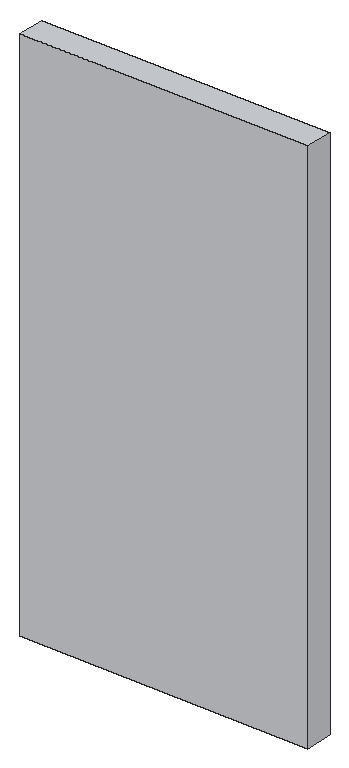
Revit family "Lighting_Fixture-Wall-Astro-Teetoo", category Lighting Fixtures, host Face, Revit 2014
Parameters (values of type "0793 Teetoo 350 (12v) (Chrome)")
  Width = 350.00 mm
  Weight = "0.9 kg"
  Wattage Comments = "2x20W"
  Wattage = 9.2903 W
  built-in parameter 1150110 = 1 (stored number, unit not read)
  Voltage = 230 V
  URL = "www.astrolighting.co.uk"
  Type Comments = "Includes integral transformer"
  built-in parameter 1114217 = 1 (stored number, unit not read)
  Tilt Angle = 90.00°
  built-in parameter 1150109 = 1 (stored number, unit not read)
  built-in parameter 1150134 = (empty or 0)
  built-in parameter 1150113 = 1 (stored number, unit not read)
  Suitable for bathroom zone = "Zone 3"
  Product Documentation = "http://www.astrolighting.co.uk/products\r\n/kw/0793/0793_Teetoo-350-(12v)"
  Photometric Web File = "0793 TEETOO 350 12V POLISHED CHROME.ies"
  Number of Poles = 1
  Mountable on normally flammable surfaces = "Yes"
  Model = "0793 Teetoo 350 (12v) Chrome"
  Manufacturer = "Astro Lighting Ltd, CM20 2DP"
  Lumens = 1380 lm
  Luminaire Lamp Efficiency Rating = "- A-C"
  built-in parameter 1150115 = 1 (stored number, unit not read)
  built-in parameter 1150105 = 109.82 (stored number, unit not read)
  Light Source From Wall = 170.00 mm
  Light Source Elevation = 1600.00 mm
  built-in parameter 1150137 = (empty or 0)
  built-in parameter 1150139 = (empty or 0)
  Length = 180.00 mm
  built-in parameter 1150112 = 1 (stored number, unit not read)
  built-in parameter 1150114 = 1 (stored number, unit not read)
  Lamp included = "Yes"
  Lamp = "G4"
  built-in parameter 1150132 = 2
  built-in parameter 1150102 = (empty or 0)
  built-in parameter 1150138 = (empty or 0)
  built-in parameter 1150107 = 3000 (stored number, unit not read)
  built-in parameter 1150106 = 1.0982 (stored number, unit not read)
  IP Rating = "IP20"
  Height = 50.00 mm
  Energy Efficiency Rating = "- C"
  built-in parameter 1150104 = 13.8 (stored number, unit not read)
  Dimming Lamp Color Temperature Shift = <None>
  Dimmable = "Yes"
  Description = "Wall Light"
  Default Elevation [instance] = 1700.00 mm
  Color Filter = 16777215
  Class = 1
  Casing Material = Astro - Steel - Chrome Finish
  built-in parameter 1114218 = 1 (stored number, unit not read)
  built-in parameter 1150133 = 10 (stored number, unit not read)
  Manufacturer Contact = "01279 427001"
  Assembly Code = "D5020200"
  Apparent Load = 43.3 VA
Types (6, lengths in mm): name | Width | Weight | Wattage Comments | Product Documentation | Photometric Web File | Model | Casing Material | Apparent Load
  0793 Teetoo 350 (12v) (Chrome) | 350.00 | "0.9 kg" | "2x20W" | "http://www.astrolighting.co.uk/products\r\n/kw/0793/0793_Teetoo-350-(12v)" | "0793 TEETOO 350 12V POLISHED CHROME.ies" | "0793 Teetoo 350 (12v) Chrome" | Astro - Steel - Chrome Finish | 43.3 VA
  0796 Teetoo 550 (12v) (Chrome) | 550.00 | "1.2 kg" | "4x10W" | "http://www.astrolighting.co.uk/products\r\n/kw/0796/0796_Teetoo-550-(12v)" | "0796 TEETOO 550 12V POLISHED CHROME.ies" | "0796 Teetoo 550 (12v) Chrome" | Astro - Steel - Chrome Finish | 47.75 VA
  0794 Teetoo 350 (12v) (Matt Nickel) | 350.00 | "0.9 kg" | "2x20W" | "http://www.astrolighting.co.uk/products\r\n/kw/0793/0793_Teetoo-350-(12v)" | "0793 TEETOO 350 12V POLISHED CHROME.ies" | "0794 Teetoo 350 (12v) Matt Nickel" | Astro - Steel - Matt Nickel | 43.3 VA
  0795 Teetoo 350 (12v) (Bronze) | 350.00 | "0.9 kg" | "2x20W" | "http://www.astrolighting.co.uk/products\r\n/kw/0793/0793_Teetoo-350-(12v)" | "0793 TEETOO 350 12V POLISHED CHROME.ies" | "0795 Teetoo 350 (12v) Bronze" | Astro - Steel - Bronze | 43.3 VA
  0797 Teetoo 550 (12v) (Matt Nickel) | 550.00 | "1.2 kg" | "4x10W" | "http://www.astrolighting.co.uk/products\r\n/kw/0796/0796_Teetoo-550-(12v)" | "0796 TEETOO 550 12V POLISHED CHROME.ies" | "0797 Teetoo 550 (12v) Matt Nickel" | Astro - Steel - Matt Nickel | 47.75 VA
  0798 Teetoo 550 (12v) (Bronze) | 550.00 | "1.2 kg" | "4x10W" | "http://www.astrolighting.co.uk/products\r\n/kw/0796/0796_Teetoo-550-(12v)" | "0796 TEETOO 550 12V POLISHED CHROME.ies" | "0798 Teetoo 550 (12v) Bronze" | Astro - Steel - Bronze | 47.75 VA
Reference planes
  plane 1: y = -75
  plane 2 "Light Source Axis (L/R)": x = 125
  plane 3 "Light Source Axis (F/R)": y = 170
  plane 4 "Light Source Elevation": z = 1600
  plane 5: y = -150
  plane 6 "Center (Elevation)": z = 1600
  plane 7: z = 0
  plane 8 "Top": z = 1622
  plane 9 "Bottom": z = 1572
  plane 10 "Left": x = 300
  plane 11 "Right": x = -50
  plane 12 "Front": y = 180
  plane 13: y = 0
  plane 14: y = 160
  plane 15: x = 110
  plane 16: x = 140
  plane 17: y = 30
  plane 18: z = 1612
  plane 19: z = 1602
Forms (mm)
  Extrusion 1, solid
    sketch origin (140, -150, 1500) x (0, 0, 1) y (1, 0, 0)
      loop
        line (-1500, -800) -> (1500, -800) -> (1500, 800) -> (-1500, 800) -> (-1500, -800)
    from 0 to 150
  Extrusion 2, solid, material "Astro - Steel - Chrome Finish" <- "Casing Material"
    sketch origin (0, 1000, 0) x (1, 0, 0) y (0, 0, 1)
      loop
        line (205, 1622) -> (45, 1622) -> (45, 1572) -> (205, 1572) -> (205, 1622)
    from 970 to 1000
  Extrusion 3, solid, material "Astro - Steel - Chrome Finish" <- "Casing Material"
    sketch origin (0, 170, 0) x (1, 0, 0) y (0, 0, 1)
      loop
        line (138, 1612) -> (112, 1612)
        arc (112, 1612) -> (110.586, 1611.414) -> (110, 1610) r 2
        line (110, 1610) -> (110, 1602) -> (140, 1602) -> (140, 1610)
        arc (140, 1610) -> (139.414, 1611.414) -> (138, 1612) r 2
    from -8 to 140
  Extrusion 4, solid, material "Astro - Steel - Chrome Finish" <- "Casing Material"
    sketch origin (125, 0, 0) x (0, 1, 0) y (0, 0, 1)
      loop
        line (178, 1610) -> (160, 1610) -> (160, 1590) -> (178, 1590)
        arc (178, 1590) -> (179.414, 1590.586) -> (180, 1592) r 2
        line (180, 1592) -> (180, 1608)
        arc (180, 1608) -> (179.414, 1609.414) -> (178, 1610) r 2
    from -175 to 175
  Sweep 5, void
    path in 3D
      loop
        line (205, 30, 1622) -> (205, 30, 1572) -> (45, 30, 1572) -> (45, 30, 1622) -> (205, 30, 1622)
    profile origin (125, 30, 1622) x (0, 1, 0) y (0, 0, 1)
      loop
        line (5, -2) -> (5, 5) -> (-2, 5) -> (-2, 0)
        arc (-2, 0) -> (-0.586, -0.586) -> (0, -2) r 2
        line (0, -2) -> (5, -2)
  Sweep 6, void
    path origin (125, 0, 0) x (0, 1, 0) y (0, 0, 1)
      loop
        line (150, 1600) -> (170, 1600) -> (170, 1572)
    profile origin (125, 160, 1600) x (0, 0, 1) y (1, 0, 0)
      loop
        arc (0, 138) -> (-0.586, 139.414) -> (-2, 140) r 2
        line (-2, 140) -> (-15, 140) -> (-15, -140) -> (-2, -140)
        arc (-2, -140) -> (-0.586, -139.414) -> (0, -138) r 2
        line (0, -138) -> (0, 138)
  Extrusion 7, void
    sketch origin (125, 0, 0) x (0, 1, 0) y (0, 0, 1)
      loop
        line (178, 1608) -> (162, 1608) -> (162, 1592) -> (178, 1592) -> (178, 1608)
    from -173 to 173
  Extrusion 8, solid, material "Default", not visible
    sketch origin (0, 180, 0) x (-1, 0, 0) y (0, 0, 1)
      loop
        line (-125, 1620.5) -> (-125, 1600) -> (-77, 1600) -> (-77, 1620.5) -> (-125, 1620.5)
    from -180 to -167.65
  Extrusion 9, void
    sketch origin (0, 180, 0) x (-1, 0, 0) y (0, 0, 1)
      loop
        line (-77, 1600) -> (-77, 1620.5) -> (-125, 1620.5) -> (-125, 1600) -> (-77, 1600)
    from -180 to -167.65
Cuts and joins
  Sweep 5, Sweep 6, Extrusion 7, Extrusion 9 cuts Extrusion 2
  Sweep 5, Sweep 6, Extrusion 7, Extrusion 9 cuts Extrusion 3
  Sweep 5, Sweep 6, Extrusion 7, Extrusion 9 cuts Extrusion 4
  joined: Extrusion 2, Extrusion 3, Extrusion 4
Lines and regions (mm)
  sketch lines
    curve 1: line (45, 30, 1622) -> (205, 30, 1622)
    curve 2: line (205, 30, 1622) -> (205, 30, 1572)
    curve 3: line (205, 30, 1572) -> (45, 30, 1572)
    curve 4: line (45, 30, 1572) -> (45, 30, 1622)
Text (mm)
  text "Placement side" at (-1787.139, 1116.779, 0), in view "Ref. Level"
  text "Placement side" at (0, 2110.396, 2986.058), in view "Left"
  text "Placement side" at (0, 628.478, 3011.967), in view "Right"
Dimensions and locks
  plane 9 "Bottom" to plane 6 "Center (Elevation)" to plane 8 "Top" = 28.00 mm locked, 22.00 mm locked
  plane 9 "Bottom" to plane 8 "Top" = 50.00 mm
  equal spacing: plane 11 "Right", plane 2 "Light Source Axis (L/R)", plane 10 "Left"
  "Width": plane 11 "Right" to plane 10 "Left"
  locked: plane 1 to plane 13 at 75
  "Length": plane 12 "Front" to plane 13
  "Light Source From Wall": plane 3 "Light Source Axis (F/R)" to plane 13
  "Light Source Elevation": plane 7 to plane 4 "Light Source Elevation"
  equal spacing: plane 15, plane 2 "Light Source Axis (L/R)", plane 16
  locked: plane 15 to plane 16 at 30
  locked: plane 14 to plane 13 at 160
  locked: plane 17 to plane 13 at 30
  equal spacing: Extrusion 2 sketch curve, plane 2 "Light Source Axis (L/R)", Extrusion 2 sketch curve
  locked: Extrusion 2 sketch curve to Extrusion 2 sketch curve at 160
  locked: plane 6 "Center (Elevation)" to Extrusion 3 sketch curve at 12
  locked: plane 6 "Center (Elevation)" to Extrusion 3 sketch curve at 2
  equal spacing: Extrusion 4 sketch curve, plane 6 "Center (Elevation)", Extrusion 4 sketch curve
  locked: Extrusion 4 sketch curve to Extrusion 4 sketch curve at 20
  locked: plane 12 "Front" to cut or joined group of Extrusion 2, Extrusion 3, Extrusion 4, Sweep 5, Sweep 6, Extrusion 7, Extrusion 9 at 2
  locked: plane 12 "Front" to Sweep 6 sketch curve at 10
  locked: plane 12 "Front" to Sweep 6 sketch curve at 30
  locked: Sweep 6 sketch curve to plane 10 "Left" at 35
  locked: Sweep 6 sketch curve to plane 11 "Right" at 35
  locked: plane 12 "Front" to Extrusion 7 sketch curve at 2
  locked: Extrusion 7 sketch curve to plane 14 at 2
  Extrusion 7 sketch curve to plane 6 "Center (Elevation)" to Extrusion 7 sketch curve = 8.00 mm locked, 8.00 mm locked
  locked: plane 11 "Right" to cut or joined group of Extrusion 2, Extrusion 3, Extrusion 4, Sweep 5, Sweep 6, Extrusion 7, Extrusion 9 at 2
  locked: cut or joined group of Extrusion 2, Extrusion 3, Extrusion 4, Sweep 5, Sweep 6, Extrusion 7, Extrusion 9 to plane 10 "Left" at 2
  locked: Extrusion 8 sketch curve to plane 2 "Light Source Axis (L/R)" at 48
  locked: plane 8 "Top" to Extrusion 8 sketch curve at 1.5
  locked: plane 8 "Top" to Extrusion 9 sketch curve at 1.5
  locked: Extrusion 9 sketch curve to plane 2 "Light Source Axis (L/R)" at 48
  Extrusion 9 to plane 4 "Light Source Elevation" = 20.50 mm
  locked: plane 8 "Top" to plane 18 at 10
  locked: plane 18 to plane 19 at 10
  aligned and locked: plane 2 "Light Source Axis (L/R)" to imposter light
  aligned and locked: plane 3 "Light Source Axis (F/R)" to imposter light
  aligned and locked: plane 4 "Light Source Elevation" to imposter light
  aligned and locked: plane 8 "Top" to Extrusion 2 sketch curve
  aligned and locked: Extrusion 2 sketch curve to plane 9 "Bottom"
  aligned and locked: Extrusion 2 to plane 13
  aligned and locked: plane 17 to Extrusion 2
  aligned and locked: plane 16 to Extrusion 3 sketch curve
  aligned and locked: Extrusion 3 sketch curve to plane 15
  aligned and locked: Extrusion 3 to plane 17
  aligned and locked: plane 12 "Front" to Extrusion 4 sketch curve
  aligned and locked: Extrusion 4 sketch curve to plane 14
  aligned and locked: plane 11 "Right" to Extrusion 4
  aligned and locked: Extrusion 4 to plane 10 "Left"
  aligned and locked: plane 6 "Center (Elevation)" to Sweep 6 sketch curve
  aligned and locked: plane 9 "Bottom" to Sweep 6 sketch curve
  aligned and locked: Extrusion 8 sketch curve to plane 2 "Light Source Axis (L/R)"
  aligned and locked: plane 6 "Center (Elevation)" to Extrusion 8 sketch curve
  aligned and locked: Extrusion 8 to plane 13
  aligned and locked: Extrusion 9 sketch curve to plane 6 "Center (Elevation)"
  aligned and locked: plane 2 "Light Source Axis (L/R)" to Extrusion 9 sketch curve
  aligned and locked: Extrusion 9 to plane 13
  aligned and locked: Extrusion 3 to plane 19
Automatic sketch dimensions
  Extrusion 1 sketch curve to Extrusion 1 sketch curve = 3000.00 mm
  Extrusion 1 sketch curve to Extrusion 1 sketch curve = 1600.00 mm
  Extrusion 3 sketch curve to Extrusion 3 sketch curve = 2.00 mm
  Extrusion 3 sketch curve to plane 16 = 2.00 mm
  Sweep 5 sketch curve to profile plane = 0.00 mm  (x2)
  Sweep 5 sketch curve to Sweep 5 sketch curve = 2.00 mm
  Sweep 5 sketch curve to profile plane = 5.00 mm
  profile plane to Sweep 5 sketch curve = 5.00 mm
  Sweep 6 sketch curve to profile plane = 0.00 mm
  profile plane to Sweep 6 sketch curve = 2.00 mm  (x2)
  Sweep 6 sketch curve to Sweep 6 sketch curve = 13.00 mm
  Extrusion 4 sketch curve to plane 12 "Front" = 2.00 mm  (x2)
Connectors
  electrical at (101, 0, 1610.25), driven by "Number of Poles", driven by "Voltage", driven by "Apparent Load"
    settings: on Extrusion 8, index 1, voltage 230 V, apparent load 0 VA, apparent load phase1 43.3 VA, apparent load phase2 0 VA, apparent load phase3 0 VA, power factor 1, load classification "Other", number of poles 1, system type 31, power factor state 1, is connector primary yes, connector utility no, sub classification motor no, connector description ""
